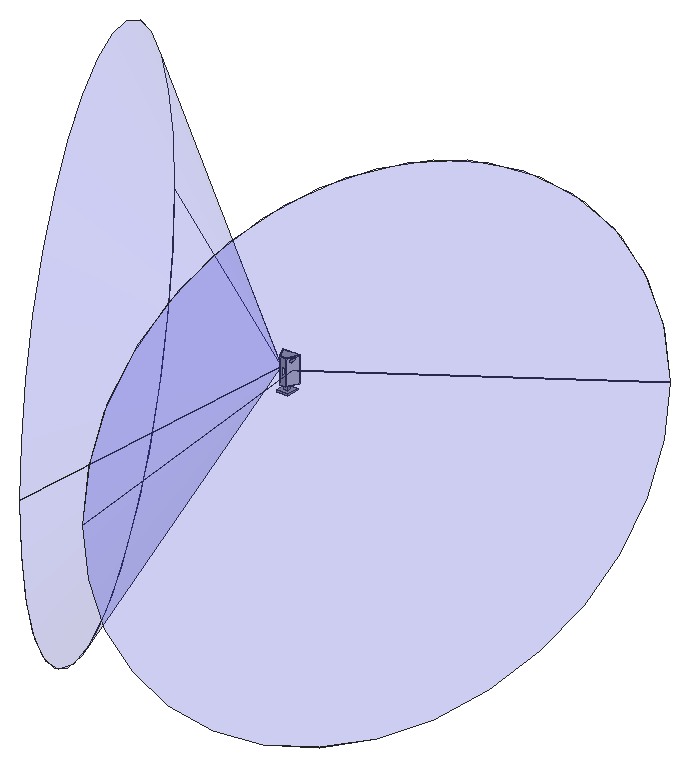
Revit family "IPDSC-DSE+", category Communication Devices, Revit 2014
Parameters (values of type "IP Dual Sided LED Display with Loudspeakers")
  Width = 9.91"
  Weight Product = 11
  Warranty = "1 Year"
  Wall Bracket [instance] = not(Ceiling Bracket)  # yes
  Voltage AC = "PoE or PoE+ and External 24VDC"
  Viewable Dimensions (HxW) = 10.125
  Vertical Symmetry = yes
  URL = "www.atlassound.com"
  Transformer Option = yes
  Specification by User (default) = "TBD"
  Speaker Type = "S1"
  Speaker Listening Height [instance] = 30.00"
  Speaker Height [instance] = 120.00"
  Speaker Dispersion = 120.00°
  Speaker Cone Visible [instance] = yes
  ScheduleType |RF| = "AtlasIED Master"
  Safety Agency Ratings = "ETL Listed to Comply with UL-60950-1, and CAN/CSA-C22.2 No. 60950-1"
  SPL Max = 93
  Recommended Signal Processing = "Built-In Processing"
  Product Page URL = "https://www.atlasied.com/Product/ProductDetails?productId=3388"
  Product Documentation Link = "https://www.atlasied.com/f/3780/ipdsc-dseplus-data-sheet.pdf"
  Power Rating (RMS) = "15 Watts Max (802.3AT)"
  Pole Length [instance] = 4.21"  # constant formula
  Operation Mode = "Self Powered"
  OmniClass Title = "Audio Visual Intercoms"
  OmniClass Number = "23-37 27 15 13"
  Mounting/Rigging Provisions = "Mounting Plate provided with Various Hole Patterns"
  Mount Material = Default
  Model = "IPDSC-DSE+"
  Max Character Height = 2.125
  MaterFormat Title = "Public Information Systems"
  MasterFormat = "27 42 19"
  Market = "Commercial, Higher Education, Emergency"
  Manufacturer URL = "https://www.atlasied.com"
  Manufacturer Phone = "(800) 876 - 3333"
  Manufacturer Email = "support@atlasied.com"
  Manufacturer Address = "4545 E. Baseline Rd., Phoenix, AZ 85042"
  Manufacturer = "ATLAS SOUND"
  Loudspeaker Level = "8Ω, 9W (802.3AF), 15W (802.3AT)"
  Input Connectors = "One Unbalanced Analog, Secured Screw Terminal Block, G.711, G.722 Capable"
  Ingress Protection = "IP-XX (Not provided)"
  Impedance = 8
  IQ Category = "Audio Visual Intercoms"
  Height = 4.21"
  Grill Material = none
  Family Version [instance] = "2017-01"
  Family Code (default) = "LOUD SPEAKERS"
  Enclosure Material = none
  Description = "POE+ IP COMPLIANT IP DUAL SIDED LED DISPLAY WITH FLASHER: INDOOR DUAL SIDED DISPLAY WITH LED FLASHER"
  Depth = 7.00"
  Default Elevation = 48.00"
  Coverage Vertical = 110.00°
  Coverage Horizontal = 110.00°
  Cost MSRP = 1177.99
  Cost = 1177.99
  Communication Ports = "RJ-45 Female"
  Color = none
  Ceiling Bracket [instance] = no
  Body Material = Default
  Baffle Material = none
  70V Taps = "32.00 W"
  100V Taps = "32.00 W"
Reference planes (in)
  plane 1 "Center (Front/Back)": y = 0
  plane 2: z = 0
  plane 3 "Center (Left/Right)": x = 0
  plane 4: z = 4.21
  plane 5: x = -4.955
  plane 6: x = 4.955
  plane 7: x = 3.455
  plane 8: x = -3.455
  plane 9: y = -7.865
  plane 10: y = -15.73
Lines and regions (in)
  Masking region 1
    outline origin (-1.82508, -15.71144, 48) x (-1, 0, 0) y (0, 0, 1)
      loop
        line (-2.82508, -43.79) -> (-2.82508, -47.07) -> (-0.82508, -47.07) -> (-0.82508, -43.79) -> (-2.82508, -43.79)
  Masking region 2
    outline origin (-1.82508, -15.71144, 48) x (-1, 0, 0) y (0, 0, 1)
      loop
        line (-5.28008, -47.07) -> (-5.28008, -48) -> (1.62992, -48) -> (1.62992, -47.07) -> (-5.28008, -47.07)
Dimensions and locks (in)
  "Width": plane 5 to plane 6
  plane 8 to plane 7 = 6.91"
  equal spacing: plane 10, plane 9, plane 1 "Center (Front/Back)"
  "Pole Length": plane 4 to level
  aligned and locked: plane 2 to level
  aligned and locked: nested 3 to plane 4
  aligned and locked: nested 2 to plane 4
  aligned and locked: nested 1 to level
  aligned and locked: Masking region 1 sketch curve to plane 4
Automatic sketch dimensions
  plane 3 "Center (Left/Right)" to Masking region 1 sketch curve = 1.00"
  Masking region 1 sketch curve to plane 3 "Center (Left/Right)" = 1.00"
  level to Masking region 1 sketch curve = 0.93"
  Masking region 2 sketch curve to level = 0.00"
  Masking region 2 sketch curve to plane 7 = 0.00"
  Masking region 2 sketch curve to plane 8 = 0.00"
  Masking region 2 sketch curve to Masking region 2 sketch curve = 0.93"
Nested families (in)
  nested 1: "POLE1" at (0, -7.865, 4.21) x (-1, 0, 0) z (0, 0, -1), Ceiling Length <- "Pole Length", type "IP Dual Sided LED Display with Flasher 2"
    with Ceiling Length 4.21"
  nested 2: "POLE BODY" at (0, -15.73, 10.62) x (1, 0, 0) z (0, 0, -1), Speaker Listening Height <- "Speaker Listening Height", Speaker Height <- "Speaker Height", Speaker Dispersion <- "Speaker Dispersion", Speaker Cone Visible <- "Speaker Cone Visible", visible <- "Ceiling Bracket", type "POLE BODY"
    with Weight Dimensional/Shipping 0, Speaker Listening Height 30.00", Speaker Height 120.00", Speaker Dispersion 120.00°, Speaker Cone Visible yes, Speaker Cone Height -90.00", Radius of Speaker Cone 155.88457", Flasher Type "TBD", Flasher Lumens "TBD", Family Version "1.0"
  nested 3: "POLE BODY" at (0, -11.07, 4.21) x (1, 0, 0) z (0, 1, 0), Speaker Cone Visible <- "Speaker Cone Visible", visible <- "Wall Bracket", Speaker Listening Height <- "Speaker Listening Height", Speaker Height <- "Speaker Height", Speaker Dispersion <- "Speaker Dispersion", type "POLE BODY"
    with Weight Dimensional/Shipping 0, Speaker Listening Height 30.00", Speaker Height 120.00", Speaker Dispersion 120.00°, Speaker Cone Visible yes, Speaker Cone Height -90.00", Radius of Speaker Cone 155.88457", Flasher Type "TBD", Flasher Lumens "TBD", Family Version "1.0"
  nested 4: "Speaker Annotation" at (-0.07225, -7.98309, 0), Speaker Type <- "Speaker Type", type "Data Annotation"
    with Speaker Type "S1"
Definition of nested family "POLE1"
  Parameters (values of type "IP Dual Sided LED Display with Flasher")
    Model = "IPDC-DSE+"
    Manufacturer = "ATLAS SOUND"
    Description = "POE+ IP COMPLIANT IP DUAL SIDED LED DISPLAY WITH FLASHER: INDOOR DUAL SIDED DISPLAY WITH LED FLASHER"
    Default Elevation = 48.00"
    Cost = 1015.99
    Ceiling Length [instance] = 4.21"
  Reference planes (in)
    plane 1 "Center (Front/Back)": y = 0
    plane 2: z = 0
    plane 3 "Center (Left/Right)": x = 0
    plane 4: z = 4.21
    plane 5: y = 3.5
    plane 6: y = -3.5
    plane 7: x = 3.455
    plane 8: x = -3.455
    plane 9: y = -1
    plane 10: y = 1
    plane 11: z = 3.28
  Forms (in)
    Extrusion 1, solid, material "Default"
      sketch origin (-0.67926, -2.84135, 4.21) x (0, -1, 0) y (1, 0, 0)
        loop
          line (-6.34135, -2.77574) -> (0.65865, -2.77574) -> (0.65865, 4.13426) -> (-6.34135, 4.13426) -> (-6.34135, -2.77574)
      from 0 to -0.93
    Extrusion 2, solid, material "Default"
      sketch origin (0, 0, 4.21) x (0, -1, 0) y (1, 0, 0)
        loop
          line (-1, 1) -> (-1, -1) -> (1, -1) -> (1, 1) -> (-1, 1)
      from -0.93 to -4.21
  Dimensions and locks (in)
    plane 8 to plane 7 = 6.91"
    plane 6 to plane 5 = 7.00"
    "Ceiling Length": plane 4 to level
    locked: plane 4 to plane 11 at 0.93
    aligned and locked: plane 2 to level
    aligned and locked: plane 11 to Extrusion 2
  Automatic sketch dimensions
    plane 5 to Extrusion 1 sketch curve = 0.00"
    plane 6 to Extrusion 1 sketch curve = 0.00"
    Extrusion 1 sketch curve to plane 8 = 0.00"
    Extrusion 1 sketch curve to plane 7 = 0.00"
    plane 10 to Extrusion 2 sketch curve = 0.00"
    plane 9 to Extrusion 2 sketch curve = 0.00"
    Extrusion 2 sketch curve to plane 3 "Center (Left/Right)" = 1.00"
    plane 3 "Center (Left/Right)" to Extrusion 2 sketch curve = 1.00"
Definition of nested family "POLE BODY"
  Parameters (values of type "POLE BODY")
    Width = 9.91"
    Weight Product = 11
    Weight Dimensional/Shipping [instance] = 0
    Weight Dimensional = 0
    Warranty = "1 Year Warranty"
    Voltage AC = "PoE or PoE+ and External 24VDC"
    Viewable Dimensions (HxW) = 10.125
    Vertical Symmetry = yes
    Transformer Option = yes
    Sustainability Rating = "TBD"
    Specification by User (default) = "TBD"
    Specification by Manufacturer = "TBD"
    Speaker Type = ""
    Speaker Listening Height [instance] = 30.00"
    Speaker Height [instance] = 120.00"
    Speaker Dispersion [instance] = 120.00°
    Speaker Data Link = "TBD"
    Speaker Cone Visible [instance] = no
    Speaker Cone Height [instance] = -(Speaker Height - Speaker Listening Height)  # -90.00"
    Shipping Dimensions = "10.6\" (269mm) x 25.4\" (645mm) x 12.8\" (325mm)"
    Serial Number = "TBD"
    Seismic Rating = "TBD"
    ScheduleType |RF| = "AtlasIED Master"
    Safety Features = "TBD"
    Safety Agency Ratings = "ETL Listed to Comply with UL-60950-1, and CAN/CSA-C22.2 No. 60950-1"
    SPL Max = 93
    Regulatory Compliance = "TBD"
    Recommended Signal Processing = "Built-In Processing"
    Radius of Speaker Cone [instance] = (-Speaker Cone Height) * tan(Speaker Dispersion / 2)  # 155.88457"
    Product Page URL = "https://www.atlasied.com/Product/ProductDetails?productId=3509"
    Product Documentation Link = "https://www.atlasied.com/f/3779/ipdc-dseplus-data-sheet.pdf"
    Power Rating (RMS) = "15 Watts Max (802.3AT)"
    Part Number = "IPDC-DSE+"
    Outdoor/Weather Rating = "TBD"
    Operation Mode = "Self Powered"
    OmniClass Title = "Audio Visual Intercoms"
    OmniClass Number = "23-37 27 15 13"
    Number of Bands = 0
    Mounting/Rigging Provisions = "Mounting Plate provided with Various Hole Patterns"
    Mount Material = Default
    Model = "IPDC-DSE+"
    Max Input Ratings (8Ω) = "TBD"
    Max Character Height = 2.125
    MaterFormat Title = "Public Information Systems"
    MasterFormat = "27 42 19"
    Market = "Commercial, Higher Education, Emergency"
    Manufacturer URL = "WWW.ATLASIED.COM"
    Manufacturer Phone = "(800) 876 - 3333"
    Manufacturer Email = "support@atlasied.com"
    Manufacturer Address = "4545 E. Baseline Rd., Phoenix, AZ 85042"
    Manufacturer = "ATLAS SOUND"
    Loudspeaker Level = "8Ω, 9W (802.3AF), 15W (802.3AT)"
    Input Connectors = "One Unbalanced Analog, Secured Screw Terminal Block, G.711, G.722 Capable"
    Ingress Protection = "IP-XX (Not provided)"
    Impedance = 8
    IQ Category = "Audio Visual Intercoms"
    Horizontal Symmetry = yes
    Height = 19.94"
    Grill Material = none
    Flasher Type [instance] = "TBD"
    Flasher Lumens Rating = "TBD"
    Flasher Lumens [instance] = "TBD"
    Family Version [instance] = "1.0"
    Family Code (default) = "ITS Inc."
    Environmental Testing = "TBD"
    Enclosure Material = none
    Dispersion Angle = 0.00°
    Description = "POE+ IP COMPLIANT IP DUAL SIDED LED DISPLAY WITH FLASHER: INDOOR DUAL SIDED DISPLAY WITH LED FLASHER"
    Depth = 7.00"
    Default Elevation = 48.00"
    Current Draw = 0
    Coverage Vertical = 110.00°
    Coverage Horizontal = 110.00°
    Coverage = "TBD"
    Cost MSRP = 1015.99
    Cost = 1015.99
    Controls = "TBD"
    Communication Ports = "RJ-45 Female"
    Communication Formats = "TBD"
    Color = none
    Body Material = Default
    Baffle Material = none
    Azimuth = 0.00°
    70V Taps = "32.00 W"
    25V Taps = "0.00 W"
    100V Taps = "32.00 W"
  Reference planes (in)
    plane 1 "Center (Front/Back)": y = 0
    plane 2: z = 0
    plane 3 "Center (Left/Right)": x = 0
    plane 4: z = 19.94
    plane 5: x = -4.955
    plane 6: x = 4.955
    plane 7: x = 3.455
    plane 8: x = -3.455
    plane 9: z = 4.21
    plane 10: y = -15.73
    plane 11: z = 6.41
    plane 12: y = -7.80664
  Forms (in)
    Extrusion 1, solid, material "Default" <- "Body Material"
      sketch origin (0, 0, 3.27) x (1, 0, 0) y (0, 0, 1)
        loop
          line (4.955, 3.14) -> (-4.955, 3.14) -> (-1.96597, -3.27) -> (1.96597, -3.27) -> (4.955, 3.14)
      from 0 to 15.5
    Extrusion 2, solid, material "Default" <- "Body Material"
      sketch origin (0, -15.5, 3.27) x (1, 0, 0) y (0, 0, 1)
        loop
          line (1.96597, -3.27) -> (4.955, 3.14) -> (2.03062, 3.14) -> (2.03062, 3.00702) -> (-2.03062, 3.00702) -> (-2.03062, 3.14) -> (-4.955, 3.14) -> (-1.96597, -3.27) -> (1.96597, -3.27)
      from 0 to 0.23
    Extrusion 3, solid, material "QF_Metal - Stainless - Polished"
      sketch origin (4.955, 0, 6.41) x (-0.422618, 0, -0.906308) y (0, 1, 0)
        loop
          line (0.5, -0.85) -> (0.5, -14.65)
          arc (0.5, -14.65) -> (0.64645, -15.00355) -> (1, -15.15) r 0.5
          line (1, -15.15) -> (6.22265, -15.15)
          arc (6.22265, -15.15) -> (6.57621, -15.00355) -> (6.72265, -14.65) r 0.5
          line (6.72265, -14.65) -> (6.72265, -0.85)
          arc (6.72265, -0.85) -> (6.57621, -0.49645) -> (6.22265, -0.35) r 0.5
          line (6.22265, -0.35) -> (1, -0.35)
          arc (1, -0.35) -> (0.64645, -0.49645) -> (0.5, -0.85) r 0.5
        loop
          arc (5.00855, -14.52458) -> (5.84518, -13.68795) -> (5.00855, -12.85133) r 0.83663
          line (5.00855, -12.85133) -> (2.58093, -12.85133)
          arc (2.58093, -12.85133) -> (1.7443, -13.68795) -> (2.58093, -14.52458) r 0.83663
          line (2.58093, -14.52458) -> (5.00855, -14.52458)
      from 0 to 0.06
    Extrusion 4, solid, material "QF_Metal - Stainless - Polished"
      sketch origin (-4.955, 0, 6.41) x (0.422618, 0, -0.906308) y (0, -1, 0)
        loop
          arc (0.5, 0.85) -> (0.64645, 0.49645) -> (1, 0.35) r 0.5
          line (1, 0.35) -> (6.22265, 0.35)
          arc (6.22265, 0.35) -> (6.57621, 0.49645) -> (6.72265, 0.85) r 0.5
          line (6.72265, 0.85) -> (6.72265, 14.65)
          arc (6.72265, 14.65) -> (6.57621, 15.00355) -> (6.22265, 15.15) r 0.5
          line (6.22265, 15.15) -> (1, 15.15)
          arc (1, 15.15) -> (0.64645, 15.00355) -> (0.5, 14.65) r 0.5
          line (0.5, 14.65) -> (0.5, 0.85)
        loop
          line (5.00855, 14.52458) -> (2.58093, 14.52458)
          arc (2.58093, 14.52458) -> (1.7443, 13.68795) -> (2.58093, 12.85133) r 0.83663
          line (2.58093, 12.85133) -> (5.00855, 12.85133)
          arc (5.00855, 12.85133) -> (5.84518, 13.68795) -> (5.00855, 14.52458) r 0.83663
      from 0 to 0.06
    Extrusion 5, solid, material "QF_Plastic - White - Smooth"
      sketch origin (0, 4.21, 3.27) x (1, 0, 0) y (0, 0, 1)
        loop
          arc (-0.23, -3.27) -> (0, -3.5) -> (0.23, -3.27) r 0.23
          line (0.23, -3.27) -> (-0.23, -3.27)
      from 10.48114 to 13.9867
    Extrusion 6, solid, material "Default" <- "Body Material"
      sketch origin (5.705, 0, 6.41) x (-1, 0, 0) y (0, -1, 0)
        loop
          circle (5.705, 7.80664) r 1
      from 0 to 0.06
    Blend 7, solid, material "Glass", visible <- "Speaker Cone Visible"
      base sketch origin (-3.42879, -7.90185, 3.13703) x (0.422618, 0, -0.906308) y (0, 1, 0)
        loop
          circle (0, 0.09521) r 155.88457
      top sketch origin (-3.42879, -7.90185, 3.13703) x (0.422618, 0, -0.906308) y (0, 1, 0)
        loop
          circle (0, 0.09521) r 0.13513
      from -90 <- "Speaker Cone Height" to 0
    Blend 8, solid, material "Glass", visible <- "Speaker Cone Visible"
      base sketch origin (3.42879, -7.90185, 3.13703) x (-0.422618, 0, -0.906308) y (0, -1, 0)
        loop
          circle (0, -0.09521) r 155.88457
      top sketch origin (3.42879, -7.90185, 3.13703) x (-0.422618, 0, -0.906308) y (0, -1, 0)
        loop
          circle (0, -0.09521) r 0.13513
      from -90 <- "Speaker Cone Height" to 0
  Lines and regions (in)
    Split face 1
      outline origin (5.00938, 0, 6.38464) x (-0.422618, 0, -0.906308) y (0, 1, 0)
        loop
          line (5.10629, -12.01962) -> (5.10629, -1.51962) -> (2.35629, -1.51962) -> (2.35629, -12.01962) -> (5.10629, -12.01962)
    Split face 2
      outline origin (5.00938, 0, 6.38464) x (-0.422618, 0, -0.906308) y (0, 1, 0)
        loop
          line (4.85629, -11.76962) -> (4.85629, -1.76962) -> (2.60629, -1.76962) -> (2.60629, -11.76962) -> (4.85629, -11.76962)
    Split face 3
      outline origin (-5.00938, 0, 6.38464) x (0.422618, 0, -0.906308) y (0, -1, 0)
        loop
          line (5.10629, 12.01962) -> (2.35629, 12.01962) -> (2.35629, 1.51962) -> (5.10629, 1.51962) -> (5.10629, 12.01962)
    Split face 4
      outline origin (-5.00938, 0, 6.38464) x (0.422618, 0, -0.906308) y (0, -1, 0)
        loop
          line (4.85629, 11.76962) -> (2.60629, 11.76962) -> (2.60629, 1.76962) -> (4.85629, 1.76962) -> (4.85629, 11.76962)
    symbolic lines
      curve 1: line (-4.955, 0, 0) -> (4.955, 0, 0)
      curve 2: line (-4.955, -15.73, 0) -> (-4.955, 0, 0)
      curve 3: line (4.955, -15.73, 0) -> (-4.955, -15.73, 0)
      curve 4: line (4.955, 0, 0) -> (4.955, -15.73, 0)
    symbolic lines, style "Sound Projection Average"
      curve 5: spline (-150.87616, -7.80664, 0) -> (-149.36908, 25.34556, 0) -> (-144.91679, 56.98096, 0) -> (-137.72301, 85.65217, 0) -> (-128.11686, 110.04741, 0) -> (-116.53784, 129.05053, 0) -> (-103.51573, 141.79211, 0) -> (-89.64632, 147.68917, 0) -> (-75.56416, 146.47191, 0) -> (-61.91356, 138.19603, 0) -> (-49.31906, 123.24017, 0) -> (-38.35689, 102.2886, 0) -> (-29.5286, 76.29989, 0)
      curve 6: spline (-29.96946, -93.51923, 0) -> (-38.88383, -119.1377, 0) -> (-49.88793, -139.71085, 0) -> (-62.48308, -154.30637, 0) -> (-76.09849, -162.26282, 0) -> (-90.11715, -163.21961, 0) -> (-103.90374, -157.13339, 0) -> (-116.8335, -144.27998, 0) -> (-128.32046, -125.24187, 0) -> (-137.84407, -100.88182, 0) -> (-144.97273, -72.30379, 0) -> (-149.38339, -40.80288, 0) -> (-150.87616, -7.80664, 0)
      curve 7: line (-4.955, -2.75, 0) -> (-29.80659, 78.5359, 0)
      curve 8: line (-4.955, -12.86328, 0) -> (-29.80659, -94.14919, 0)
      curve 9: spline (150.87616, -7.80664, 0) -> (149.36908, 25.34556, 0) -> (144.91679, 56.98096, 0) -> (137.72301, 85.65217, 0) -> (128.11686, 110.04741, 0) -> (116.53784, 129.05053, 0) -> (103.51573, 141.79211, 0) -> (89.64632, 147.68917, 0) -> (75.56416, 146.47191, 0) -> (61.91356, 138.19603, 0) -> (49.31906, 123.24017, 0) -> (38.35689, 102.2886, 0) -> (29.5286, 76.29989, 0)
      curve 10: spline (29.96946, -93.51923, 0) -> (38.88383, -119.1377, 0) -> (49.88793, -139.71085, 0) -> (62.48308, -154.30637, 0) -> (76.09849, -162.26282, 0) -> (90.11715, -163.21961, 0) -> (103.90374, -157.13339, 0) -> (116.8335, -144.27998, 0) -> (128.32046, -125.24187, 0) -> (137.84407, -100.88182, 0) -> (144.97273, -72.30379, 0) -> (149.38339, -40.80288, 0) -> (150.87616, -7.80664, 0)
  Dimensions and locks (in)
    "Height": plane 4 to plane 2
    "Width": plane 5 to plane 6
    plane 8 to plane 7 = 6.91"
    locked: plane 11 to plane 2 at 6.41
    locked: plane 10 to plane 1 "Center (Front/Back)" at 15.73
    "Radius of Speaker Cone": radius of Blend 7 sketch curve
    "Radius of Speaker Cone": radius of Blend 8 sketch curve
    aligned and locked: plane 2 to level
  Automatic sketch dimensions
    curve 5 to plane 12 = 0.00"
    curve 3 to plane 5 = 0.00"
    plane 1 "Center (Front/Back)" to curve 4 = 0.00"
    curve 4 to plane 6 = 0.00"
    plane 12 to curve 9 = 0.00"
    plane 10 to curve 2 = 0.00"
    curve 5 to plane 5 = 24.5736"
    curve 7 to curve 5 = 0.27799"
    curve 8 to plane 5 = 24.85159"
    curve 6 to curve 8 = 0.16287"
    curve 5 to curve 7 = 80.04149"
    curve 6 to plane 5 = 80.04149"
    curve 6 to curve 6 = 65.87967"
    plane 6 to curve 9 = 24.5736"
    plane 6 to curve 10 = 25.01446"
    curve 1 to curve 9 = 80.04149"
    curve 10 to curve 9 = 0.00"
    curve 10 to curve 9 = 65.87967"
    curve 6 to curve 2 = 77.78923"
    curve 6 to curve 10 = 0.00"
    curve 8 to curve 6 = 0.62995"
    curve 5 to curve 8 = 69.54203"
    curve 9 to curve 10 = 70.17198"
    curve 8 to plane 10 = 2.86672"
    plane 1 "Center (Front/Back)" to curve 7 = 2.75"
    curve 5 to curve 7 = 2.23601"
    Extrusion 1 sketch curve to plane 5 = 0.00"
    Extrusion 1 sketch curve to level = 0.00"
    Extrusion 1 sketch curve to plane 6 = 0.00"
    Extrusion 1 sketch curve to plane 11 = 0.00"
    plane 8 to Extrusion 1 sketch curve = 1.48903"
    Extrusion 1 sketch curve to plane 7 = 1.48903"
    Extrusion 2 sketch curve to Extrusion 1 = 0.00"  (x6)
    Extrusion 1 to Extrusion 2 sketch curve = 0.00"
    Extrusion 2 sketch curve to Extrusion 2 sketch curve = 2.92438"  (x2)
    Extrusion 2 sketch curve to Extrusion 1 = 0.13298"
    Extrusion 3 sketch curve to Extrusion 1 = 0.50"
    Extrusion 1 to Extrusion 3 sketch curve = 0.35"  (x2)
    Extrusion 3 sketch curve to Extrusion 3 sketch curve = 0.50"  (x2)
    Extrusion 3 sketch curve to Extrusion 3 sketch curve = 1.58093"
    Extrusion 1 to Extrusion 3 sketch curve = 0.97542"
    Extrusion 1 to Extrusion 3 sketch curve = 2.0641"
    Extrusion 1 to Extrusion 3 sketch curve = 0.85"  (x3)
    Extrusion 3 sketch curve to Extrusion 3 sketch curve = 0.83663"
    Split face 1 sketch curve to Extrusion 3 = 0.83171"
    Split face 1 sketch curve to Extrusion 3 = 1.85629"
    Split face 1 sketch curve to Extrusion 3 = 1.61636"
    Split face 1 sketch curve to Extrusion 3 = 1.16962"
    Split face 2 sketch curve to Extrusion 3 = 2.10629"
    Split face 2 sketch curve to Extrusion 3 = 1.86636"
    Split face 2 sketch curve to Extrusion 3 = 1.08171"
    Split face 2 sketch curve to Extrusion 3 = 1.41962"
    plane 1 "Center (Front/Back)" to Extrusion 4 sketch curve = 0.85"  (x2)
    plane 1 "Center (Front/Back)" to Extrusion 4 sketch curve = 0.35"
    Extrusion 4 sketch curve to Extrusion 4 sketch curve = 0.50"
    Extrusion 4 sketch curve to Extrusion 4 sketch curve = 1.58093"
    Extrusion 4 sketch curve to plane 10 = 1.20542"
    Extrusion 4 sketch curve to Extrusion 4 sketch curve = 2.42763"
    Extrusion 4 sketch curve to Extrusion 4 sketch curve = 1.2141"
    Extrusion 4 sketch curve to Extrusion 4 sketch curve = 5.22265"
    Extrusion 4 sketch curve to Extrusion 4 sketch curve = 1.67325"
    Extrusion 4 sketch curve to plane 10 = 1.08"
    Split face 3 sketch curve to Extrusion 4 = 0.83171"
    Split face 3 sketch curve to Extrusion 4 = 1.85629"
    Split face 3 sketch curve to Extrusion 4 = 1.61636"
    Split face 3 sketch curve to Extrusion 4 = 1.16962"
    Split face 4 sketch curve to Extrusion 4 = 2.10629"
    Split face 4 sketch curve to Extrusion 4 = 1.86636"
    Split face 4 sketch curve to Extrusion 4 = 1.41962"
    Split face 4 sketch curve to Extrusion 4 = 1.08171"
    Extrusion 5 sketch curve to level = 0.00"
    Extrusion 5 sketch curve to plane 3 "Center (Left/Right)" = 0.00"
    Extrusion 5 sketch curve to plane 3 "Center (Left/Right)" = 0.23"
    Extrusion 1 to Extrusion 6 sketch curve = 4.955"
    Extrusion 1 to Extrusion 6 sketch curve = 7.69336"
    plane 12 to Blend 7 sketch curve = 0.00"  (x2)
    plane 12 to Blend 8 sketch curve = 0.00"  (x2)
    radius of Extrusion 6 sketch curve = 1.00"
    radius of Blend 7 sketch curve = 0.13513"
    radius of Blend 8 sketch curve = 0.13513"
Definition of nested family "Speaker Annotation"
  Parameters (values of type "Data Annotation")
    Speaker Type [instance] = ""
  Reference planes (in)
    plane 1: y = 0
    plane 2: x = 0
  Lines and regions (in)
    detail lines, style "Data Device"
      curve 1: circle (-0.00295, 0.00032, 0) r 0.09489 normal (0, 0, 1)
  Text (in)
    label "S1" at (0.00193, -0.00496, 0), shows "Speaker Type"
